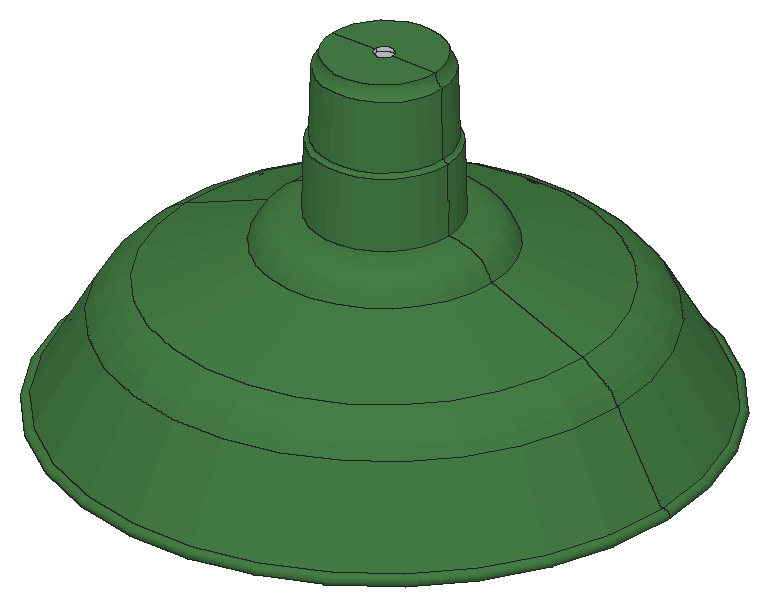
Revit family "W516 SHADE", category Lighting Fixtures, Revit 2024
Family settings
  Round Connector Dimension = Use Diameter
  Part Type = Normal
  OmniClass Number = 23.80.70.00
  OmniClass Title = Lighting
  Work Plane-Based = No
  Always vertical = Yes
  Cut with Voids When Loaded = No
  Light Source = Yes
  Maintain Annotation Orientation = No
  Shared = No
  Room Calculation Point = No
Parameters
  Wattage = 12.1178 W
  built-in parameter 1150110 = 1 (stored number, unit not read)
  built-in parameter 1114217 = 1 (stored number, unit not read)
  built-in parameter 1150109 = 1 (stored number, unit not read)
  built-in parameter 1150134 = (empty or 0)
  built-in parameter 1150113 = 1 (stored number, unit not read)
  Lumens = 1800 lm
  built-in parameter 1150115 = 1 (stored number, unit not read)
  built-in parameter 1150105 = 572.96 (stored number, unit not read)
  Light Source Symbol Size = 2' - 0"
  built-in parameter 1150137 = (empty or 0)
  built-in parameter 1150139 = (empty or 0)
  built-in parameter 1150112 = 1 (stored number, unit not read)
  built-in parameter 1150114 = 1 (stored number, unit not read)
  built-in parameter 1150132 = 2
  built-in parameter 1150102 = (empty or 0)
  built-in parameter 1150138 = (empty or 0)
  built-in parameter 1150107 = 3000 (stored number, unit not read)
  built-in parameter 1150106 = 5.7296 (stored number, unit not read)
  built-in parameter 1150104 = 13.8 (stored number, unit not read)
  Dimming Lamp Color Temperature Shift = (empty or 0)
  Default Elevation = 0' - 0"
  Color Filter = 16777215
  built-in parameter 1114218 = 1 (stored number, unit not read)
  built-in parameter 1150133 = 10 (stored number, unit not read)
Reference planes (in)
  plane 1 "Light Source Axis (F/B)": y = 0
  plane 2: z = 0
  plane 3 "Light Source Axis (L/R)": x = 0
  plane 4 "Light Source Elevation": z = 84
Forms (in)
  Revolve 1, solid
    sketch origin (0, 0, 0) x (1, 0, 0) y (0, 0, 1)
      loop
        line (-0.25, 93) -> (-1.44752, 93)
        arc (-1.44752, 93) -> (-1.49509, 92.80503) -> (-1.62252, 92.65) r 0.45106
        line (-1.62252, 92.65) -> (-1.65306, 90.90027)
        arc (-1.65306, 90.90027) -> (-1.70089, 90.83136) -> (-1.77869, 90.8) r 0.14647
        line (-1.77869, 90.8) -> (-1.80997, 89.00791)
        spline (-1.80997, 89.00791) -> (-1.98571, 89.00845) -> (-2.15109, 88.98868) -> (-2.30204, 88.95415) -> (-2.43447, 88.91044) -> (-2.54515, 88.86227) -> (-2.63681, 88.80858) -> (-2.7147, 88.74586) -> (-2.78406, 88.67061) -> (-2.85013, 88.57933) -> (-2.91518, 88.47225) -> (-2.97405, 88.35884) -> (-3.02043, 88.25)
        line (-3.02043, 88.25) -> (-5.56911, 87.25636)
        arc (-5.56911, 87.25636) -> (-6.14779, 86.90841) -> (-6.5777, 86.38773) r 2
        line (-6.5777, 86.38773) -> (-7.80333, 84.25)
        arc (-7.80333, 84.25) -> (-7.99981, 84.125) -> (-7.80333, 84) r 0.138
        line (-7.80333, 84) -> (-6.49637, 86.3411)
        arc (-6.49637, 86.3411) -> (-6.08661, 86.83738) -> (-5.53506, 87.16901) r 1.90625
        line (-5.53506, 87.16901) -> (-2.94569, 88.17852)
        spline (-2.94569, 88.17852) -> (-2.90117, 88.28794) -> (-2.84275, 88.40466) -> (-2.77863, 88.51282) -> (-2.71551, 88.60044) -> (-2.65095, 88.66891) -> (-2.57729, 88.72557) -> (-2.48506, 88.77674) -> (-2.36757, 88.82559) -> (-2.22655, 88.86921) -> (-2.06782, 88.90087) -> (-1.89676, 88.91416) -> (-1.71804, 88.90325)
        line (-1.71804, 88.90325) -> (-1.68614, 90.73033)
        arc (-1.68614, 90.73033) -> (-1.60576, 90.79444) -> (-1.55954, 90.88628) r 0.24022
        line (-1.55954, 90.88628) -> (-1.52952, 92.60594)
        arc (-1.52952, 92.60594) -> (-1.42202, 92.74264) -> (-1.36307, 92.90625) r 0.54481
        line (-1.36307, 92.90625) -> (-0.25, 92.90625) -> (-0.25, 93)
      axis (0, 84) -> (0, 93)
    angle from 0 to 360
Dimensions and locks (in)
  aligned and locked: plane 3 "Light Source Axis (L/R)" to imposter light
  aligned and locked: plane 1 "Light Source Axis (F/B)" to imposter light
  aligned and locked: plane 4 "Light Source Elevation" to imposter light
  aligned and locked: level to plane 2
